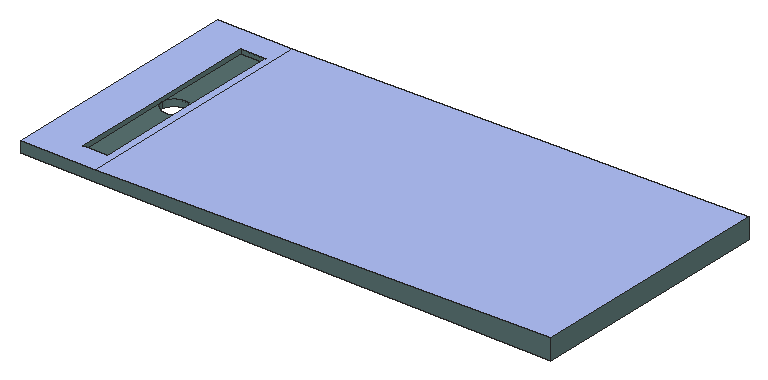
Revit family "ShowerBase_ProBaseII_NobleCompany", category Specialty Equipment, host Face, Revit 2015
Parameters (values of type "32x60 Offset Drain")
  Width = 64 1/2"
  URL = "www.noblecompany.com"
  Type Comments = ""
  Tile Finish [instance] = Tile as Specified
  Product Properties = "http://www.noblecompany.com/Portals/0/PRODUCT%20INFO/Product%20Descriptions/FreeStyle%20Linear%20Drain%20Product%20Decription%200410.pdf"
  Product Data = "http://www.noblecompany.com/Products/ShowerProducts/tabid/59/Default.aspx"
  Model = "Pro Base II 3260"
  Manufacturer Phone - Toll Free = "800-878-5788"
  Manufacturer Phone = "231-799-8000"
  Manufacturer Fax = "231-799-8850"
  Manufacturer Email = "mailto:sales@noblecompany.com"
  Manufacturer Address = "7300 Enterprise Drive, Spring Lake, MI  49456 USA"
  Manufacturer = "Noble Company"
  Keynote = "09 30 13.A3"
  Hang = 1/8"
  Flush to Wall = no
  Drawn By = "Sumex Design / Robert S. Weygant"
  DrainLoc = 6 3/4"
  Drain Width = 4 1/2"
  Drain Length = 24"
  Drain Hole Diameter = 3"
  Depth = 32"
  Installation-Fabrication = "http://www.noblecompany.com/Portals/0/PRODUCT%20INFO/Product%20Descriptions/FreeStyle%20Linear%20Drain%20Product%20Decription%200410.pdf"
  Height = 2.467"
  Description = "Noble Pro Base II Shower Base Kit"
  Cut_Side B [instance] = 1"
  Cut_Side A [instance] = 1"
  Cut_Head = if((Flush to Wall), 4 1/2", 0")  # 0"
  Cut_End [instance] = 0"
  Copyright = "(c) 2018 ARCAT, Inc."
  Building Codes = "http://www.noblecompany.com/Portals/0/TECHNICAL%20INFO/Listing_Testing_Certification_Reports/PMG-1065%20Noble%20Company%20Linear%20Drain%20final%202.pdf"
  Base = Polypropylene - High Strength
  Assembly Code = "D2030300"
  Default Elevation = 0"
Types (4): name | Model | Flush to Wall | Drain Length | Depth | Cut_Head
  32x60 Flush to Wall | "Pro Base II 3260" | yes | 24" | 32" | 4 1/2"
  32x60 Offset Drain | "Pro Base II 3260" | no | 24" | 32" | 0"
  64x64 Flush to Wall | "Pro Base II 6464" | yes | 60" | 64" | 4 1/2"
  64x64 Offset Drain | "Pro Base II 6464" | no | 60" | 64" | 0"
Reference planes (in)
  plane 1 "Center (Front/Back)": y = 0
  plane 2: z = 0
  plane 3 "Center (Left/Right)": x = 0
  plane 4: x = 32.25
  plane 5: y = 16
  plane 6: z = 2.467
  plane 7: y = 15
  plane 8: x = 32.25
  plane 9 "TO Board": z = 1.25
  plane 10: x = -32.25
  plane 11: x = -32.25
  plane 12: y = -16
  plane 13: y = -15
  plane 14 "Drain CL": x = -25.5
  plane 15: x = -27.75
  plane 16: x = -23.25
  plane 17 "Drain Recess": z = 0.75
  plane 18: y = 12
  plane 19: y = -12
Forms (in)
  Extrusion 1, solid, material "Polypropylene - High Strength" <- "Base"
    sketch origin (0, 0, 0) x (1, 0, 0) y (0, 1, 0)
      loop
        line (-32.25, 16) -> (-32.25, -16) -> (32.25, -16) -> (32.25, 16) -> (-32.25, 16)
      loop
        circle (-25.5, 0) r 1.5
    from 0 to 2.467
  Extrusion 2, void
    sketch origin (0, 0, 0) x (1, 0, 0) y (0, 1, 0)
      loop
        line (-32.25, 15) -> (-32.25, -15) -> (32.25, -15) -> (32.25, 15) -> (-32.25, 15)
      loop
        line (-32.375, 16.125) -> (-32.375, -16.125) -> (32.375, -16.125) -> (32.375, 16.125) -> (-32.375, 16.125)
    from 0 to 2.467
  Extrusion 3, void
    sketch origin (0, 0, 0) x (1, 0, 0) y (0, 0, 1)
      loop
        line (32.25, 2.467) -> (-32.25, 2.467) -> (-32.25, 1.25) -> (-23.25, 1.25) -> (32.25, 2.467)
    from -16 to 16
  Extrusion 4, void
    sketch origin (0, 0, 0.75) x (-1, 0, 0) y (0, -1, 0)
      loop
        line (27, -12) -> (27, 12) -> (24, 12) -> (24, -12) -> (27, -12)
    from 0 to 1.717
Cuts and joins
  Extrusion 2, Extrusion 3, Extrusion 4 cuts Extrusion 1
Dimensions and locks (in)
  "Height": plane 6 to level
  "Width": plane 10 to plane 4
  "Depth": plane 5 to plane 12
  "Cut_Side A": plane 5 to plane 7
  "Cut_End": plane 8 to plane 4
  "Hang": plane 4 to Extrusion 2 sketch curve
  "Hang": Extrusion 2 sketch curve to plane 5
  locked: plane 9 "TO Board" to level at 1.25
  "Cut_Head": plane 10 to plane 11
  "Cut_Side B": plane 13 to plane 12
  "Hang": Extrusion 2 sketch curve to plane 10
  "Hang": plane 12 to Extrusion 2 sketch curve
  equal spacing: plane 10, plane 3 "Center (Left/Right)", plane 4
  equal spacing: plane 5, plane 1 "Center (Front/Back)", plane 12
  "DrainLoc": plane 10 to plane 14 "Drain CL"
  "Drain Width": plane 16 to plane 15
  equal spacing: plane 16, plane 14 "Drain CL", plane 15
  locked: plane 9 "TO Board" to plane 17 "Drain Recess" at 0.5
  equal spacing: plane 18, plane 1 "Center (Front/Back)", plane 19
  "Drain Length": plane 18 to plane 19
  locked: Extrusion 4 sketch curve to Extrusion 4 sketch curve at 3
  locked: plane 15 to Extrusion 4 sketch curve at 0.75
  "Drain Hole Diameter": diameter of Extrusion 1 sketch curve
  aligned and locked: plane 2 to host face
  aligned and locked: level to host face
  aligned and locked: Extrusion 1 sketch curve to plane 5
  aligned and locked: Extrusion 1 sketch curve to plane 4
  aligned and locked: plane 6 to Extrusion 1
  aligned and locked: Extrusion 2 sketch curve to plane 7
  aligned and locked: Extrusion 2 sketch curve to plane 8
  aligned and locked: plane 6 to Extrusion 2
  aligned and locked: plane 10 to Extrusion 1 sketch curve
  aligned and locked: plane 12 to Extrusion 1 sketch curve
  aligned and locked: plane 11 to Extrusion 2 sketch curve
  aligned and locked: plane 13 to Extrusion 2 sketch curve
  aligned and locked: plane 1 "Center (Front/Back)" to Extrusion 1 sketch curve
  aligned and locked: plane 14 "Drain CL" to Extrusion 1 sketch curve
  aligned and locked: plane 10 to Extrusion 3 sketch curve
  aligned and locked: Extrusion 3 sketch curve to plane 6
  aligned and locked: plane 9 "TO Board" to Extrusion 3 sketch curve
  aligned and locked: plane 4 to Extrusion 3 sketch curve
  aligned and locked: Extrusion 1 to Extrusion 3
  aligned and locked: plane 5 to Extrusion 3
  aligned and locked: Extrusion 4 sketch curve to plane 18
  aligned and locked: plane 19 to Extrusion 4 sketch curve
  aligned and locked: plane 6 to Extrusion 4
Automatic sketch dimensions
  host sketch curve to host sketch curve = 86.64016"
  host sketch curve to host sketch curve = 73.80345"
  Extrusion 3 sketch curve to plane 16 = 0"
